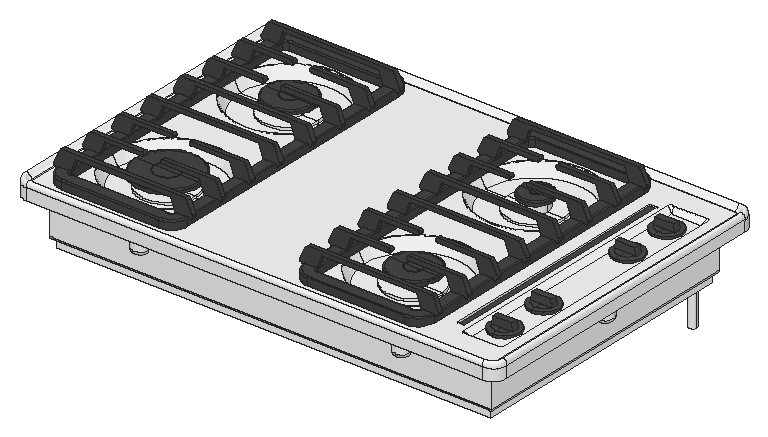
Revit family "QF_Summit_WTL053S_Cooktop", category Specialty Equipment, Revit 2020 (continued)
Automatic sketch dimensions
  curve 123 to curve 134 = 0"  (x2)
  curve 124 to curve 127 = 0"
  curve 124 to curve 128 = 0"
  curve 124 to curve 129 = 0"
  curve 124 to curve 130 = 0"
  curve 124 to curve 132 = 0"  (x2)
  curve 124 to curve 133 = 0"
  curve 124 to curve 134 = 0"  (x2)
  curve 125 to curve 126 = 0"  (x2)
  curve 125 to curve 127 = 0"
  curve 125 to curve 128 = 0"
  curve 125 to curve 129 = 0"
  curve 125 to curve 130 = 0"
  curve 125 to curve 131 = 0"  (x2)
  curve 125 to curve 132 = 0"
  curve 125 to curve 133 = 0"
  curve 145 to curve 165 = 0"  (x2)
  curve 146 to curve 165 = 0"  (x2)
  curve 147 to curve 165 = 0"  (x2)
  curve 148 to curve 165 = 0"  (x2)
  curve 149 to curve 165 = 0"  (x2)
  curve 150 to curve 165 = 0"  (x2)
  curve 151 to curve 165 = 0"  (x2)
  curve 152 to curve 157 = 0"
  curve 152 to curve 159 = 0"
  curve 153 to curve 157 = 0"
  curve 153 to curve 159 = 0"
  curve 154 to curve 159 = 0"  (x2)
  curve 155 to curve 159 = 0"  (x2)
  curve 156 to curve 157 = 0"
  curve 156 to curve 159 = 0"
  curve 157 to curve 159 = 0"
  curve 158 to curve 159 = 0"  (x2)
  curve 160 to curve 165 = 0"  (x2)
  curve 161 to curve 165 = 0"  (x2)
  curve 162 to curve 165 = 0"  (x2)
  curve 163 to curve 165 = 0"  (x2)
  curve 164 to curve 165 = 0"  (x2)
  curve 65 to plane 3 "LEFT" = 0.00016"
  plane 3 "LEFT" to curve 37 = 9/16"
  curve 37 to curve 64 = 1/4"
  curve 37 to curve 39 = 1/4"
  plane 3 "LEFT" to curve 134 = 5.27794"
  plane 3 "LEFT" to curve 108 = 5.27794"
  plane 7 "Center Y" to curve 111 = 5.59588"
  plane 7 "Center Y" to curve 79 = 5.59588"
  plane 1 "BACK" to curve 54 = 2.63046"
  plane 4 "RIGHT" to curve 54 = 4.43626"
  curve 54 to curve 61 = 1/16"
  curve 54 to curve 55 = 1/16"
  curve 55 to curve 56 = 3/8"
  curve 60 to curve 60 = 3/8"
  curve 57 to curve 58 = 1/16"
  curve 60 to curve 52 = 0.32834"
  curve 52 to curve 51 = 0.17489"
  curve 53 to curve 53 = 0.17489"
  curve 51 to curve 44 = 0.15303"
  plane 4 "RIGHT" to curve 45 = 1.53001"
  curve 42 to curve 47 = 0.15303"
  curve 44 to curve 50 = 0.15303"
  curve 49 to curve 48 = 0.17489"
  plane 5 "FRONT" to curve 71 = 0.00016"
  plane 4 "RIGHT" to curve 71 = 13/16"
  plane 4 "RIGHT" to curve 38 = 13/16"
  curve 40 to curve 41 = 1/4"
  curve 50 to plane 5 "FRONT" = 1.94788"
  curve 49 to curve 44 = 0.15303"
  curve 51 to curve 60 = 0.43428"
  curve 146 to plane 8 "Center X" = 4.69623"
  curve 152 to plane 8 "Center X" = 4.69623"
  plane 8 "Center X" to curve 74 = 4.69623"
  plane 8 "Center X" to curve 114 = 4.69623"
  curve 57 to curve 42 = 11/32"
  curve 42 to curve 48 = 0.15303"
  plane 1 "BACK" to curve 40 = 13/16"
  plane 3 "LEFT" to curve 122 = 1.98841"
  plane 3 "LEFT" to curve 157 = 2.00679"
  plane 3 "LEFT" to curve 132 = 2.04204"
  plane 3 "LEFT" to curve 106 = 2.05163"
  curve 157 to curve 108 = 0.17038"
  curve 122 to curve 117 = 0.18876"
  curve 157 to curve 159 = 0.30499"
  curve 122 to curve 117 = 0.33065"
  curve 132 to curve 133 = 0.31951"
  curve 106 to curve 108 = 0.31593"
  curve 159 to curve 154 = 0.10141"
  curve 117 to curve 131 = 0.09535"
  curve 133 to curve 126 = 0.10777"
  curve 108 to curve 158 = 0.10609"
  curve 108 to curve 83 = 1.10076"
  curve 104 to curve 104 = 0.21842"
  curve 117 to curve 120 = 1.35172"
  curve 83 to curve 83 = 0.31358"
  curve 104 to curve 103 = 0.15936"
  curve 120 to curve 74 = 0.24904"
  curve 74 to curve 120 = 0.02582"
  curve 83 to curve 105 = 0.21411"
  curve 122 to curve 123 = 1.45366"
  curve 157 to curve 107 = 1.43583"
  curve 94 to curve 130 = 0.12319"
  curve 120 to curve 127 = 0.19386"
  curve 127 to curve 74 = 0.11209"
  curve 130 to curve 129 = 0.26849"
  curve 129 to curve 132 = 0.04729"
  curve 129 to curve 94 = 0.07783"
  curve 74 to curve 93 = 0.23853"
  curve 86 to curve 83 = 3/4"
  curve 118 to curve 123 = 0.6766"
  curve 129 to curve 92 = 0.43727"
  curve 153 to curve 107 = 0.5869"
  curve 76 to curve 73 = 1/2"
  curve 107 to curve 107 = 0.62953"
  curve 123 to curve 123 = 0.65253"
  curve 75 to curve 92 = 0.22211"
  curve 76 to curve 93 = 0.42893"
  curve 92 to curve 73 = 0.32977"
  curve 92 to curve 134 = 0.38914"
  curve 73 to curve 129 = 0.08348"
  curve 93 to curve 91 = 0.24142"
  curve 91 to curve 127 = 0.11252"
  curve 73 to curve 121 = 0.33849"
  curve 91 to curve 128 = 0.31103"
  curve 123 to curve 124 = 0.83454"
  curve 128 to curve 91 = 0.01862"
  curve 107 to curve 152 = 0.87986"
  curve 85 to curve 105 = 0.76611"
  curve 86 to curve 103 = 0.86273"
  curve 105 to curve 102 = 0.18941"
  curve 73 to curve 121 = 0.24904"
  curve 103 to curve 84 = 0.14532"
  curve 84 to curve 84 = 0.24195"
  curve 102 to curve 158 = 1.09864"
  curve 121 to curve 126 = 1.41692"
  curve 84 to curve 154 = 1.10223"
  curve 128 to curve 131 = 1.38705"
  curve 158 to curve 155 = 0.09264"
  curve 126 to curve 119 = 0.09066"
  curve 154 to curve 109 = 0.10242"
  curve 131 to curve 125 = 0.09497"
  curve 109 to curve 109 = 0.13805"
  curve 125 to curve 125 = 0.13736"
  curve 155 to curve 156 = 0.32544"
  curve 119 to curve 134 = 0.34103"
  curve 154 to curve 152 = 0.40862"
  curve 131 to curve 124 = 0.42412"
  plane 7 "Center Y" to curve 150 = 2.29805"
  plane 7 "Center Y" to curve 135 = 2.29835"
  plane 7 "Center Y" to curve 140 = 2.36176"
  plane 7 "Center Y" to curve 144 = 2.37399"
  plane 7 "Center Y" to curve 116 = 2.49513"
  plane 7 "Center Y" to curve 148 = 2.49513"
  curve 135 to curve 116 = 0.34067"
  curve 150 to curve 148 = 0.34129"
  curve 140 to curve 142 = 0.32309"
  curve 144 to curve 110 = 0.31237"
  curve 148 to curve 147 = 0.09223"
  curve 116 to curve 139 = 0.0986"
  curve 142 to curve 141 = 0.10348"
  curve 110 to curve 149 = 0.12616"
  plane 7 "Center Y" to curve 77 = 3.84685"
  plane 7 "Center Y" to curve 164 = 3.84685"
  curve 113 to curve 101 = 0.24904"
  plane 7 "Center Y" to curve 164 = 4.10793"
  plane 7 "Center Y" to curve 77 = 4.11555"
  plane 7 "Center Y" to curve 135 = 4.14925"
  plane 7 "Center Y" to curve 150 = 4.16227"
  plane 7 "Center Y" to curve 113 = 4.21169"
  plane 7 "Center Y" to curve 98 = 4.22231"
  curve 164 to curve 165 = 0.19581"
  curve 77 to curve 95 = 0.19616"
  curve 165 to curve 101 = 0.12621"
  curve 113 to curve 161 = 0.25363"
  curve 98 to curve 97 = 0.26065"
  plane 7 "Center Y" to curve 144 = 4.49037"
  curve 161 to curve 88 = 0.07249"
  plane 7 "Center Y" to curve 140 = 4.57292"
  curve 77 to curve 80 = 0.74904"
  curve 101 to curve 100 = 0.2468"
  curve 161 to curve 162 = 0.42767"
  curve 150 to curve 160 = 0.73593"
  curve 114 to curve 114 = 0.60654"
  curve 90 to curve 87 = 1/2"
  curve 82 to curve 77 = 1/4"
  curve 114 to curve 136 = 0.64941"
  curve 160 to curve 160 = 1.39538"
  curve 90 to curve 162 = 0.21129"
  curve 89 to curve 100 = 0.43178"
  curve 162 to curve 99 = 0.33661"
  curve 140 to curve 143 = 2.11853"
  curve 80 to curve 97 = 0.14835"
  curve 99 to curve 161 = 0.10382"
  curve 161 to curve 145 = 0.03094"
  curve 100 to curve 87 = 0.25229"
  curve 87 to curve 165 = 0.10807"
  curve 79 to curve 95 = 0.29505"
  curve 161 to curve 163 = 0.22514"
  curve 97 to curve 78 = 0.24571"
  curve 160 to curve 151 = 0.76927"
  curve 136 to curve 137 = 0.81975"
  curve 87 to curve 112 = 0.29408"
  curve 95 to curve 96 = 0.18874"
  curve 112 to curve 99 = 0.02185"
  curve 87 to curve 112 = 0.24904"
  curve 79 to curve 78 = 0.74904"
  curve 163 to curve 149 = 1.42364"
  curve 78 to curve 141 = 1.41399"
  curve 96 to curve 139 = 1.37384"
  curve 112 to curve 147 = 1.3827"
  curve 149 to curve 146 = 0.10635"
  curve 141 to curve 115 = 0.10054"
  curve 139 to curve 138 = 0.10259"
  curve 147 to curve 111 = 0.09971"
  curve 138 to curve 115 = 0.14054"
  curve 111 to curve 111 = 0.1402"
  curve 146 to curve 145 = 0.31936"
  curve 141 to curve 143 = 0.41949"
  curve 147 to curve 151 = 0.40165"
  curve 138 to curve 137 = 0.32826"
  curve 107 to plane 5 "FRONT" = 1.80474"
  curve 160 to plane 5 "FRONT" = 1 7/8"
  curve 160 to curve 150 = 0.23691"
  curve 153 to curve 157 = 0.25859"
  curve 160 to curve 151 = 0.2521"
  curve 107 to curve 152 = 0.2852"
  curve 154 to curve 109 = 0.28235"
  curve 147 to curve 111 = 0.27408"
  curve 100 to curve 101 = 0.24169"
  curve 103 to curve 84 = 0.22929"
  curve 165 to curve 101 = 0.23505"
  curve 102 to curve 105 = 0.25978"
  curve 99 to curve 161 = 0.24304"
  curve 99 to curve 162 = 0.24737"
  curve 108 to curve 158 = 0.25335"
  curve 146 to curve 149 = 0.25181"
  curve 158 to curve 106 = 0.03121"
  curve 146 to curve 145 = 0.27526"
  curve 110 to curve 144 = 0.29271"
  plane 8 "Center X" to curve 140 = 1.35007"
  plane 8 "Center X" to curve 132 = 1.36194"
  plane 8 "Center X" to curve 143 = 1.37313"
  plane 8 "Center X" to curve 134 = 1.37834"
  curve 129 to curve 94 = 0.26306"
  curve 97 to curve 98 = 0.26648"
  curve 129 to curve 92 = 0.01153"
  curve 126 to curve 119 = 0.21375"
  curve 141 to curve 142 = 0.24822"
  curve 116 to curve 135 = 0.23664"
  curve 96 to curve 95 = 0.24956"
  curve 74 to curve 93 = 0.23627"
  curve 125 to curve 131 = 0.26496"
  curve 131 to curve 124 = 0.00658"
  curve 91 to curve 127 = 0.25063"
  curve 117 to curve 122 = 0.26535"
  curve 138 to curve 137 = 0.27256"
  curve 116 to curve 139 = 0.26847"
  curve 122 to curve 118 = 0.25021"
  curve 137 to curve 136 = 0.26258"
  radius of Extrusion 2 sketch curve = 3.49904"  (x4)
  radius of Extrusion 17 sketch curve = 1/4"
Nested families (in)
  nested 1: "Summit_Burner_Cast" at (1.52794, -1.55377, 0.43845), type "Summit_Burner_Cast"
  nested 2: "Summit_Burner_Cast" at (16.71416, -1.55377, 0.43845), type "Summit_Burner_Cast"
  nested 3: "Summit_Burner_Cast" at (1.52794, -10.94623, 0.43845), type "Summit_Burner_Cast"
  nested 4: "Summit_Burner_Cast" at (16.71416, -10.94623, 0.43845), type "Summit_Burner_Cast"
  nested 5: "Summit_Cast" at (1.27794, -0.875, 3.75), type "Summit_Cast"
  nested 6: "Summit_Cast" at (16.46416, -0.875, 3.75), type "Summit_Cast"
Connectors (in)
  piping at (27.43847, -1.91925, -2.5), diameter 0.5
    settings: on Extrusion 17, index 1, connector inside diameter 24", connector length 0", flow factor 0, pipe flow 0 GPM, pressure drop 0.00 psi, fitting loss kfactor 0, connector angle 0.00°, fixture units 0, engagement length 0", angle of deflection 0.00°, flow configuration 1, flow direction 1, fitting loss method 0, system type 7, joint type 0, gender type 0, connector reference index -1, connector utility 0, adjustable connector no, is connector primary yes, connector description "Gas Connection"
  electrical at (26.68847, -1.91925, 0.4375), driven by "Volts"
    settings: on Extrusion 20, index 2, voltage 115 V, apparent load 0 VA, apparent load phase1 0 VA, apparent load phase2 0 VA, apparent load phase3 0 VA, power factor 1, load classification "Other", number of poles 1, system type 30, power factor state 1, is connector primary yes, connector utility no, sub classification motor no, connector description "Electrical Connection"
Definition of nested family "Summit_Burner_Cast"
  Parameters (values of type "Summit_Burner_Cast")
    Model = ""
    Manufacturer = "Summit"
    Length = 7 1/2"
    Height = 3 3/4"
    Description = "Cooktop"
    Depth = 7 1/2"
    Default Elevation = 0"
  Reference planes (in)
    plane 1 "BACK": y = 0
    plane 2: z = 0
    plane 3 "LEFT": x = 0
    plane 4 "RIGHT": x = 7.5
    plane 5 "FRONT": y = -7.5
    plane 6 "TOP": z = 3.75
    plane 7 "Center Y": x = 3.75
    plane 8 "Center X": y = -3.75
  Forms (in)
    Revolve 1, solid
      sketch origin (-1.00614, -3.75, 0) x (1, 0, 0) y (0, 0, 1)
        loop
          line (4.75614, 3.26095) -> (4.00614, 3.26095) -> (4.00614, 2.6875) -> (3.00711, 2.6875) -> (3.00711, 2.5625) -> (1.65539, 2.5625) -> (1.25711, 3.31155) -> (1.25711, 2.5) -> (4.75614, 2.5) -> (4.75614, 3.26095)
        axis (4.75614, 2.5) -> (4.75614, 3.31155)
      angle from 0 to 360
  Dimensions and locks (in)
    equal spacing: plane 3 "LEFT", plane 7 "Center Y", plane 4 "RIGHT"
    "Length": plane 3 "LEFT" to plane 4 "RIGHT"
    equal spacing: plane 5 "FRONT", plane 8 "Center X", plane 1 "BACK"
    "Depth": plane 5 "FRONT" to plane 1 "BACK"
    "Height": plane 6 "TOP" to level
    aligned and locked: level to plane 2
  Automatic sketch dimensions
    plane 3 "LEFT" to Revolve 1 sketch curve = 0.25096"
    Revolve 1 sketch curve to plane 7 "Center Y" = 0"  (x2)
    plane 3 "LEFT" to Revolve 1 sketch curve = 0.64924"
    Revolve 1 sketch curve to plane 7 "Center Y" = 3/4"
    Revolve 1 sketch curve to plane 6 "TOP" = 1 1/4"
    Revolve 1 sketch curve to Revolve 1 sketch curve = 1/16"
    Revolve 1 sketch curve to Revolve 1 sketch curve = 3/16"
    Revolve 1 sketch curve to plane 6 "TOP" = 0.48905"
    Revolve 1 sketch curve to plane 6 "TOP" = 0.43845"
    Revolve 1 sketch curve to Revolve 1 sketch curve = 0"
    plane 6 "TOP" to Revolve 1 sketch curve = 1 1/4"
    Revolve 1 sketch curve to Revolve 1 sketch curve = 0.99904"
Definition of nested family "Summit_Cast"
  Parameters (values of type "Summit_Cast")
    Model = ""
    Manufacturer = "Summit"
    Length = 8"
    Height = 1 1/2"
    Description = "Cooktop"
    Depth = 18 1/4"
    Default Elevation = 0"
  Reference planes (in)
    plane 1 "BACK": y = 0
    plane 2: z = 0
    plane 3 "LEFT": x = 0
    plane 4 "RIGHT": x = 8
    plane 5 "FRONT": y = -18.25
    plane 6 "TOP": z = 1.5
    plane 7 "Center Y": x = 4
    plane 8 "Center X": y = -9.125
  Forms (in)
    Sweep 1, solid
      path origin (0, 0, 1.5) x (-1, 0, 0) y (0, -1, 0)
        loop
          arc (0, 17.25) -> (-0.29289, 17.95711) -> (-1, 18.25) r 1
          line (-1, 18.25) -> (-7, 18.25)
          arc (-7, 18.25) -> (-7.70711, 17.95711) -> (-8, 17.25) r 1
          line (-8, 17.25) -> (-8, 1)
          arc (-8, 1) -> (-7.70711, 0.29289) -> (-7, 0) r 1
          line (-7, 0) -> (-1, 0)
          arc (-1, 0) -> (-0.29289, 0.29289) -> (0, 1) r 1
          line (0, 1) -> (0, 17.25)
      profile origin (0, -9.125, 1.5) x (-1, 0, 0) y (0, 0, 1)
        loop
          line (-0.0625, -1) -> (-0.6875, -1)
          arc (-0.6875, -1) -> (-0.73169, -1.01831) -> (-0.75, -1.0625) r 0.0625
          line (-0.75, -1.0625) -> (-0.75, -1.5) -> (0, -1.5) -> (0, -1.0625)
          arc (0, -1.0625) -> (-0.01831, -1.01831) -> (-0.0625, -1) r 0.0625
    Extrusion 2, solid
      sketch origin (0, 0, 0) x (1, 0, 0) y (0, 0, 1)
        loop
          line (0.74803, 0.3877) -> (1.06188, 1.25) -> (6.93812, 1.25) -> (7.25197, 0.3877) -> (8.14564, 0.3877) -> (8.25406, 0.49612)
          arc (8.25406, 0.49612) -> (8.2924, 0.56977) -> (8.28157, 0.65209) r 0.13806
          line (8.28157, 0.65209) -> (7.93816, 1.38852) -> (7.82668, 1.5) -> (0.17332, 1.5) -> (0.06184, 1.38852) -> (-0.28157, 0.65209)
          arc (-0.28157, 0.65209) -> (-0.2924, 0.56977) -> (-0.25406, 0.49612) r 0.13806
          line (-0.25406, 0.49612) -> (-0.14564, 0.3877) -> (0.74803, 0.3877)
      from 1 to 1.25
    Extrusion 3, solid
      sketch origin (0, -2.25, 0) x (1, 0, 0) y (0, 0, 1)
        loop
          line (0.74803, 0.3877) -> (1.06188, 1.25) -> (3.36913, 1.25)
          arc (3.36913, 1.25) -> (3.49413, 1.375) -> (3.36913, 1.5) r 0.125
          line (3.36913, 1.5) -> (0.17332, 1.5) -> (0.06184, 1.38852) -> (-0.28157, 0.65209)
          arc (-0.28157, 0.65209) -> (-0.2924, 0.56977) -> (-0.25406, 0.49612) r 0.13806
          line (-0.25406, 0.49612) -> (-0.14564, 0.3877) -> (0.74803, 0.3877)
        loop
          line (7.25197, 0.3877) -> (8.14564, 0.3877) -> (8.25406, 0.49612)
          arc (8.25406, 0.49612) -> (8.2924, 0.56977) -> (8.28157, 0.65209) r 0.13806
          line (8.28157, 0.65209) -> (7.93816, 1.38852) -> (7.82668, 1.5) -> (4.62959, 1.5)
          arc (4.62959, 1.5) -> (4.50459, 1.375) -> (4.62959, 1.25) r 0.125
          line (4.62959, 1.25) -> (6.93812, 1.25) -> (7.25197, 0.3877)
      from 1 to 1.25
    Extrusion 4, solid
      sketch origin (0, -6.75, 0) x (1, 0, 0) y (0, 0, 1)
        loop
          line (0.74803, 0.3877) -> (1.06188, 1.25) -> (6.93812, 1.25) -> (7.25197, 0.3877) -> (8.14564, 0.3877) -> (8.25406, 0.49612)
          arc (8.25406, 0.49612) -> (8.2924, 0.56977) -> (8.28157, 0.65209) r 0.13806
          line (8.28157, 0.65209) -> (7.93816, 1.38852) -> (7.82668, 1.5) -> (0.17332, 1.5) -> (0.06184, 1.38852) -> (-0.28157, 0.65209)
          arc (-0.28157, 0.65209) -> (-0.2924, 0.56977) -> (-0.25406, 0.49612) r 0.13806
          line (-0.25406, 0.49612) -> (-0.14564, 0.3877) -> (0.74803, 0.3877)
      from 1 to 1.25
    Extrusion 5, solid
      sketch origin (0, -4.5, 0) x (1, 0, 0) y (0, 0, 1)
        loop
          line (0.74803, 0.3877) -> (1.06188, 1.25) -> (3.36913, 1.25)
          arc (3.36913, 1.25) -> (3.49413, 1.375) -> (3.36913, 1.5) r 0.125
          line (3.36913, 1.5) -> (0.17332, 1.5) -> (0.06184, 1.38852) -> (-0.28157, 0.65209)
          arc (-0.28157, 0.65209) -> (-0.2924, 0.56977) -> (-0.25406, 0.49612) r 0.13806
          line (-0.25406, 0.49612) -> (-0.14564, 0.3877) -> (0.74803, 0.3877)
        loop
          line (7.25197, 0.3877) -> (8.14564, 0.3877) -> (8.25406, 0.49612)
          arc (8.25406, 0.49612) -> (8.2924, 0.56977) -> (8.28157, 0.65209) r 0.13806
          line (8.28157, 0.65209) -> (7.93816, 1.38852) -> (7.82668, 1.5) -> (4.62959, 1.5)
          arc (4.62959, 1.5) -> (4.50459, 1.375) -> (4.62959, 1.25) r 0.125
          line (4.62959, 1.25) -> (6.93812, 1.25) -> (7.25197, 0.3877)
      from 1 to 1.25
    Extrusion 6, solid
      sketch origin (0, -18.25, 0) x (1, 0, 0) y (0, 0, -1)
        loop
          line (0.74803, -0.3877) -> (-0.14564, -0.3877) -> (-0.25406, -0.49612)
          arc (-0.25406, -0.49612) -> (-0.2924, -0.56977) -> (-0.28157, -0.65209) r 0.13806
          line (-0.28157, -0.65209) -> (0.06184, -1.38852) -> (0.17332, -1.5) -> (7.82668, -1.5) -> (7.93816, -1.38852) -> (8.28157, -0.65209)
          arc (8.28157, -0.65209) -> (8.2924, -0.56977) -> (8.25406, -0.49612) r 0.13806
          line (8.25406, -0.49612) -> (8.14564, -0.3877) -> (7.25197, -0.3877) -> (6.93812, -1.25) -> (1.06188, -1.25) -> (0.74803, -0.3877)
      from 1 to 1.25
    Extrusion 7, solid
      sketch origin (0, -16, 0) x (1, 0, 0) y (0, 0, -1)
        loop
          line (0.74803, -0.3877) -> (-0.14564, -0.3877) -> (-0.25406, -0.49612)
          arc (-0.25406, -0.49612) -> (-0.2924, -0.56977) -> (-0.28157, -0.65209) r 0.13806
          line (-0.28157, -0.65209) -> (0.06184, -1.38852) -> (0.17332, -1.5) -> (3.36913, -1.5)
          arc (3.36913, -1.5) -> (3.49413, -1.375) -> (3.36913, -1.25) r 0.125
          line (3.36913, -1.25) -> (1.06188, -1.25) -> (0.74803, -0.3877)
        loop
          line (7.25197, -0.3877) -> (6.93812, -1.25) -> (4.62959, -1.25)
          arc (4.62959, -1.25) -> (4.50459, -1.375) -> (4.62959, -1.5) r 0.125
          line (4.62959, -1.5) -> (7.82668, -1.5) -> (7.93816, -1.38852) -> (8.28157, -0.65209)
          arc (8.28157, -0.65209) -> (8.2924, -0.56977) -> (8.25406, -0.49612) r 0.13806
          line (8.25406, -0.49612) -> (8.14564, -0.3877) -> (7.25197, -0.3877)
      from 1 to 1.25
    Extrusion 8, solid
      sketch origin (0, -11.5, 0) x (1, 0, 0) y (0, 0, -1)
        loop
          line (0.74803, -0.3877) -> (-0.14564, -0.3877) -> (-0.25406, -0.49612)
          arc (-0.25406, -0.49612) -> (-0.2924, -0.56977) -> (-0.28157, -0.65209) r 0.13806
          line (-0.28157, -0.65209) -> (0.06184, -1.38852) -> (0.17332, -1.5) -> (7.82668, -1.5) -> (7.93816, -1.38852) -> (8.28157, -0.65209)
          arc (8.28157, -0.65209) -> (8.2924, -0.56977) -> (8.25406, -0.49612) r 0.13806
          line (8.25406, -0.49612) -> (8.14564, -0.3877) -> (7.25197, -0.3877) -> (6.93812, -1.25) -> (1.06188, -1.25) -> (0.74803, -0.3877)
      from 1 to 1.25
    Extrusion 9, solid
      sketch origin (0, -13.75, 0) x (1, 0, 0) y (0, 0, -1)
        loop
          line (0.74803, -0.3877) -> (-0.14564, -0.3877) -> (-0.25406, -0.49612)
          arc (-0.25406, -0.49612) -> (-0.2924, -0.56977) -> (-0.28157, -0.65209) r 0.13806
          line (-0.28157, -0.65209) -> (0.06184, -1.38852) -> (0.17332, -1.5) -> (3.36913, -1.5)
          arc (3.36913, -1.5) -> (3.49413, -1.375) -> (3.36913, -1.25) r 0.125
          line (3.36913, -1.25) -> (1.06188, -1.25) -> (0.74803, -0.3877)
        loop
          line (7.25197, -0.3877) -> (6.93812, -1.25) -> (4.62959, -1.25)
          arc (4.62959, -1.25) -> (4.50459, -1.375) -> (4.62959, -1.5) r 0.125
          line (4.62959, -1.5) -> (7.82668, -1.5) -> (7.93816, -1.38852) -> (8.28157, -0.65209)
          arc (8.28157, -0.65209) -> (8.2924, -0.56977) -> (8.25406, -0.49612) r 0.13806
          line (8.25406, -0.49612) -> (8.14564, -0.3877) -> (7.25197, -0.3877)
      from 1 to 1.25
  Lines and regions (in)
    symbolic lines
      curve 1: line (7, -0.75, 1.5) -> (1, -0.75, 1.5)
      curve 2: arc (1, -0.75, 1.5) -> (0.82322, -0.82322, 1.5) -> (0.75, -1, 1.5) r 0.25
      curve 3: line (0.75, -1, 1.5) -> (0.75, -3.25, 1.5)
      curve 4: arc (0.75, -17.25, 1.5) -> (0.82322, -17.42678, 1.5) -> (1, -17.5, 1.5) r 0.25
      curve 5: line (1, -17.5, 1.5) -> (7, -17.5, 1.5)
      curve 6: arc (7, -17.5, 1.5) -> (7.17678, -17.42678, 1.5) -> (7.25, -17.25, 1.5) r 0.25
      curve 7: arc (7.25, -1, 1.5) -> (7.17678, -0.82322, 1.5) -> (7, -0.75, 1.5) r 0.25
      curve 8: arc (0, -1, 1.5) -> (0.29289, -0.29289, 1.5) -> (1, 0, 1.5) r 1
      curve 9: line (1, 0, 1.5) -> (7, 0, 1.5)
      curve 10: arc (7, 0, 1.5) -> (7.70711, -0.29289, 1.5) -> (8, -1, 1.5) r 1
      curve 11: arc (8, -17.25, 1.5) -> (7.70711, -17.95711, 1.5) -> (7, -18.25, 1.5) r 1
      curve 12: line (7, -18.25, 1.5) -> (1, -18.25, 1.5)
      curve 13: arc (1, -18.25, 1.5) -> (0.29289, -17.95711, 1.5) -> (0, -17.25, 1.5) r 1
      curve 14: line (-0.2945, -1.25, 1.5) -> (8.2945, -1.25, 1.5)
      curve 15: line (8.2945, -1, 1.5) -> (-0.2945, -1, 1.5)
      curve 16: line (-0.2945, -1, 1.5) -> (-0.2945, -1.25, 1.5)
      curve 17: line (8.2945, -1, 1.5) -> (8.2945, -1.25, 1.5)
      curve 18: line (4.50459, -3.25, 1.5) -> (8.2945, -3.25, 1.5)
      curve 19: line (4.50459, -3.5, 1.5) -> (4.50459, -3.25, 1.5)
      curve 20: line (8.2945, -3.5, 1.5) -> (4.50459, -3.5, 1.5)
      curve 21: line (8.2945, -3.25, 1.5) -> (8.2945, -3.5, 1.5)
      curve 22: line (-0.2945, -3.25, 1.5) -> (3.49413, -3.25, 1.5)
      curve 23: line (-0.2945, -3.5, 1.5) -> (-0.2945, -3.25, 1.5)
      curve 24: line (3.49413, -3.5, 1.5) -> (0, -3.5, 1.5)
      curve 25: line (3.49413, -3.25, 1.5) -> (3.49413, -3.5, 1.5)
      curve 26: line (-0.2945, -5.5, 1.5) -> (3.49413, -5.5, 1.5)
      curve 27: line (-0.2945, -5.75, 1.5) -> (-0.2945, -5.5, 1.5)
      curve 28: line (3.49413, -5.75, 1.5) -> (-0.2945, -5.75, 1.5)
      curve 29: line (3.49413, -5.5, 1.5) -> (3.49413, -5.75, 1.5)
      curve 30: line (4.50459, -5.5, 1.5) -> (8.2945, -5.5, 1.5)
      curve 31: line (4.50459, -5.75, 1.5) -> (4.50459, -5.5, 1.5)
      curve 32: line (8.2945, -5.75, 1.5) -> (4.50459, -5.75, 1.5)
      curve 33: line (8.2945, -5.5, 1.5) -> (8.2945, -5.75, 1.5)
      curve 34: line (-0.2945, -7.75, 1.5) -> (8.2945, -7.75, 1.5)
      curve 35: line (-0.2945, -8, 1.5) -> (-0.2945, -7.75, 1.5)
      curve 36: line (8.2945, -8, 1.5) -> (-0.2945, -8, 1.5)
      curve 37: line (8.2945, -7.75, 1.5) -> (8.2945, -8, 1.5)
      curve 38: line (-0.2945, -10.25, 1.5) -> (8.2945, -10.25, 1.5)
      curve 39: line (-0.2945, -10.5, 1.5) -> (-0.2945, -10.25, 1.5)
      curve 40: line (8.2945, -10.5, 1.5) -> (-0.2945, -10.5, 1.5)
      curve 41: line (8.2945, -10.25, 1.5) -> (8.2945, -10.5, 1.5)
      curve 42: line (-0.2945, -12.5, 1.5) -> (3.49413, -12.5, 1.5)
      curve 43: line (-0.2945, -12.75, 1.5) -> (-0.2945, -12.5, 1.5)
      curve 44: line (3.49413, -12.75, 1.5) -> (-0.2945, -12.75, 1.5)
      curve 45: line (3.49413, -12.5, 1.5) -> (3.49413, -12.75, 1.5)
      curve 46: line (4.50459, -12.5, 1.5) -> (8.2945, -12.5, 1.5)
      curve 47: line (4.50459, -12.75, 1.5) -> (4.50459, -12.5, 1.5)
      curve 48: line (8.2945, -12.75, 1.5) -> (4.50459, -12.75, 1.5)
      curve 49: line (8.2945, -12.5, 1.5) -> (8.2945, -12.75, 1.5)
      curve 50: line (-0.2945, -14.75, 1.5) -> (3.49413, -14.75, 1.5)
      curve 51: line (-0.2945, -15, 1.5) -> (-0.2945, -14.75, 1.5)
      curve 52: line (3.49413, -15, 1.5) -> (-0.2945, -15, 1.5)
      curve 53: line (3.49413, -14.75, 1.5) -> (3.49413, -15, 1.5)
      curve 54: line (4.50459, -14.75, 1.5) -> (8.2945, -14.75, 1.5)
      curve 55: line (4.50459, -15, 1.5) -> (4.50459, -14.75, 1.5)
      curve 56: line (8.2945, -15, 1.5) -> (4.50459, -15, 1.5)
      curve 57: line (8.2945, -14.75, 1.5) -> (8.2945, -15, 1.5)
      curve 58: line (-0.2945, -17, 1.5) -> (8.2945, -17, 1.5)
      curve 59: line (-0.2945, -17.25, 1.5) -> (-0.2945, -17, 1.5)
      curve 60: line (8.2945, -17.25, 1.5) -> (-0.2945, -17.25, 1.5)
      curve 61: line (8.2945, -17, 1.5) -> (8.2945, -17.25, 1.5)
      curve 62: line (8, -1.25, 1.5) -> (8, -3.25, 1.5)
      curve 63: line (0, -3.25, 1.5) -> (0, -1.25, 1.5)
      curve 64: line (0, -3.5, 1.5) -> (-0.2945, -3.5, 1.5)
      curve 65: line (0.75, -3.5, 1.5) -> (0.75, -5.5, 1.5)
      curve 66: line (7.25, -3.25, 1.5) -> (7.25, -1, 1.5)
      curve 67: line (8, -3.5, 1.5) -> (8, -5.5, 1.5)
      curve 68: line (8, -5.75, 1.5) -> (8, -7.75, 1.5)
      curve 69: line (7.25, -5.5, 1.5) -> (7.25, -3.5, 1.5)
      curve 70: line (0.75, -5.75, 1.5) -> (0.75, -7.75, 1.5)
      curve 71: line (0, -5.5, 1.5) -> (0, -3.5, 1.5)
      curve 72: line (0, -7.75, 1.5) -> (0, -5.75, 1.5)
      curve 73: line (0.75, -8, 1.5) -> (0.75, -10.25, 1.5)
      curve 74: line (7.25, -7.75, 1.5) -> (7.25, -5.75, 1.5)
      curve 75: line (8, -8, 1.5) -> (8, -10.25, 1.5)
      curve 76: line (8, -10.5, 1.5) -> (8, -12.5, 1.5)
      curve 77: line (7.25, -10.25, 1.5) -> (7.25, -8, 1.5)
      curve 78: line (8, -12.75, 1.5) -> (8, -14.75, 1.5)
      curve 79: line (7.25, -12.5, 1.5) -> (7.25, -10.5, 1.5)
      curve 80: line (8, -15, 1.5) -> (8, -17, 1.5)
      curve 81: line (7.25, -14.75, 1.5) -> (7.25, -12.75, 1.5)
      curve 82: line (0.75, -12.75, 1.5) -> (0.75, -14.75, 1.5)
      curve 83: line (0.75, -10.5, 1.5) -> (0.75, -12.5, 1.5)
      curve 84: line (0, -12.5, 1.5) -> (0, -8, 1.5)
      curve 85: line (0, -14.75, 1.5) -> (0, -12.75, 1.5)
      curve 86: line (0.75, -15, 1.5) -> (0.75, -17, 1.5)
      curve 87: line (7.25, -17, 1.5) -> (7.25, -15, 1.5)
      curve 88: line (0, -17, 1.5) -> (0, -15, 1.5)
  Dimensions and locks (in)
    equal spacing: plane 3 "LEFT", plane 7 "Center Y", plane 4 "RIGHT"
    "Length": plane 3 "LEFT" to plane 4 "RIGHT"
    equal spacing: plane 5 "FRONT", plane 8 "Center X", plane 1 "BACK"
    "Depth": plane 5 "FRONT" to plane 1 "BACK"
    "Height": plane 6 "TOP" to level
    aligned and locked: level to plane 2
  Automatic sketch dimensions
    Sweep 1 sketch curve to plane 4 "RIGHT" = 0"
    plane 5 "FRONT" to Sweep 1 sketch curve = 0"
    plane 1 "BACK" to Sweep 1 sketch curve = 0"
    Sweep 1 sketch curve to plane 3 "LEFT" = 0"
    Sweep 1 sketch curve to Sweep 1 sketch curve = 1"
    plane 4 "RIGHT" to Sweep 1 sketch curve = 1"
    plane 3 "LEFT" to Sweep 1 sketch curve = 1"  (x2)
    Sweep 1 sketch curve to profile plane = 0"
    profile plane to Sweep 1 sketch curve = 1/16"
    Sweep 1 sketch curve to Sweep 1 sketch curve = 5/8"
    Sweep 1 sketch curve to Sweep 1 sketch curve = 1/16"
    Sweep 1 sketch curve to plane 6 "TOP" = 1 1/2"
    Sweep 1 sketch curve to Sweep 1 sketch curve = 7/16"
    Extrusion 2 sketch curve to plane 6 "TOP" = 0"
    Extrusion 2 sketch curve to plane 3 "LEFT" = 0.28157"
    Extrusion 2 sketch curve to Extrusion 2 sketch curve = 0.0275"
    Extrusion 2 sketch curve to Extrusion 2 sketch curve = 0.12513"  (x2)
    Extrusion 2 sketch curve to plane 3 "LEFT" = 0.14564"
    plane 3 "LEFT" to Extrusion 2 sketch curve = 0.06184"
    Extrusion 2 sketch curve to Extrusion 2 sketch curve = 0.11148"
    plane 3 "LEFT" to Extrusion 2 sketch curve = 0.74803"
    Extrusion 2 sketch curve to plane 6 "TOP" = 1/4"
    Extrusion 2 sketch curve to Extrusion 2 sketch curve = 0.31385"
    plane 4 "RIGHT" to Extrusion 2 sketch curve = 1.06188"
    plane 4 "RIGHT" to Extrusion 2 sketch curve = 0.74803"
    plane 4 "RIGHT" to Extrusion 2 sketch curve = 0.17332"
    plane 4 "RIGHT" to Extrusion 2 sketch curve = 0.06184"
    Extrusion 2 sketch curve to plane 4 "RIGHT" = 0.14564"
    Extrusion 2 sketch curve to plane 4 "RIGHT" = 0.15644"
    Extrusion 2 sketch curve to Extrusion 2 sketch curve = 0.09762"
    level to Extrusion 2 sketch curve = 0.65209"  (x2)
    Extrusion 2 sketch curve to Extrusion 2 sketch curve = 0.05835"  (x2)
    level to Extrusion 2 sketch curve = 0.3877"
    Extrusion 2 sketch curve to Extrusion 2 sketch curve = 0.10842"
    Extrusion 2 sketch curve to plane 6 "TOP" = 0.11148"  (x2)
    Extrusion 3 sketch curve to plane 6 "TOP" = 0"  (x2)
    Extrusion 3 sketch curve to plane 3 "LEFT" = 0.28157"
    Extrusion 3 sketch curve to Extrusion 3 sketch curve = 0.0275"
    Extrusion 3 sketch curve to Extrusion 3 sketch curve = 0.12513"  (x2)
    Extrusion 3 sketch curve to plane 3 "LEFT" = 0.14564"
    plane 3 "LEFT" to Extrusion 3 sketch curve = 0.06184"
    Extrusion 3 sketch curve to Extrusion 3 sketch curve = 0.11148"
    plane 3 "LEFT" to Extrusion 3 sketch curve = 0.74803"
    Extrusion 3 sketch curve to plane 6 "TOP" = 1/4"  (x2)
    Extrusion 3 sketch curve to Extrusion 3 sketch curve = 0.31385"
    Extrusion 3 sketch curve to plane 7 "Center Y" = 0.63087"
    plane 7 "Center Y" to Extrusion 3 sketch curve = 0.62959"
    plane 4 "RIGHT" to Extrusion 3 sketch curve = 1.06188"
    plane 4 "RIGHT" to Extrusion 3 sketch curve = 0.74803"
    plane 4 "RIGHT" to Extrusion 3 sketch curve = 0.17332"
    plane 4 "RIGHT" to Extrusion 3 sketch curve = 0.06184"
    Extrusion 3 sketch curve to plane 4 "RIGHT" = 0.14564"
    Extrusion 3 sketch curve to plane 4 "RIGHT" = 0.15644"
    Extrusion 3 sketch curve to Extrusion 3 sketch curve = 0.09762"
    level to Extrusion 3 sketch curve = 0.65209"  (x2)
    Extrusion 3 sketch curve to Extrusion 3 sketch curve = 0.05835"  (x2)
    level to Extrusion 3 sketch curve = 0.3877"
    Extrusion 3 sketch curve to Extrusion 3 sketch curve = 0.10842"
    Extrusion 3 sketch curve to plane 6 "TOP" = 0.11148"  (x2)
    Extrusion 4 sketch curve to plane 6 "TOP" = 0"
    Extrusion 4 sketch curve to plane 3 "LEFT" = 0.28157"
    Extrusion 4 sketch curve to Extrusion 4 sketch curve = 0.0275"
    Extrusion 4 sketch curve to Extrusion 4 sketch curve = 0.12513"  (x2)
    Extrusion 4 sketch curve to plane 3 "LEFT" = 0.14564"
    plane 3 "LEFT" to Extrusion 4 sketch curve = 0.06184"
    Extrusion 4 sketch curve to Extrusion 4 sketch curve = 0.11148"
    plane 3 "LEFT" to Extrusion 4 sketch curve = 0.74803"
    Extrusion 4 sketch curve to plane 6 "TOP" = 1/4"
    Extrusion 4 sketch curve to Extrusion 4 sketch curve = 0.31385"
    plane 4 "RIGHT" to Extrusion 4 sketch curve = 1.06188"
    plane 4 "RIGHT" to Extrusion 4 sketch curve = 0.74803"
    plane 4 "RIGHT" to Extrusion 4 sketch curve = 0.17332"
    plane 4 "RIGHT" to Extrusion 4 sketch curve = 0.06184"
    Extrusion 4 sketch curve to plane 4 "RIGHT" = 0.14564"
    Extrusion 4 sketch curve to plane 4 "RIGHT" = 0.15644"
    Extrusion 4 sketch curve to Extrusion 4 sketch curve = 0.09762"
    level to Extrusion 4 sketch curve = 0.65209"  (x2)
    Extrusion 4 sketch curve to Extrusion 4 sketch curve = 0.05835"  (x2)
    level to Extrusion 4 sketch curve = 0.3877"
    Extrusion 4 sketch curve to Extrusion 4 sketch curve = 0.10842"
    Extrusion 4 sketch curve to plane 6 "TOP" = 0.11148"  (x2)
    Extrusion 5 sketch curve to plane 6 "TOP" = 0"  (x2)
    Extrusion 5 sketch curve to plane 3 "LEFT" = 0.28157"
    Extrusion 5 sketch curve to Extrusion 5 sketch curve = 0.0275"
    Extrusion 5 sketch curve to Extrusion 5 sketch curve = 0.12513"  (x2)
    Extrusion 5 sketch curve to plane 3 "LEFT" = 0.14564"
    plane 3 "LEFT" to Extrusion 5 sketch curve = 0.06184"
    Extrusion 5 sketch curve to Extrusion 5 sketch curve = 0.11148"
    plane 3 "LEFT" to Extrusion 5 sketch curve = 0.74803"
    Extrusion 5 sketch curve to plane 6 "TOP" = 1/4"  (x2)
    Extrusion 5 sketch curve to Extrusion 5 sketch curve = 0.31385"
    Extrusion 5 sketch curve to plane 7 "Center Y" = 0.63087"
    plane 7 "Center Y" to Extrusion 5 sketch curve = 0.62959"
    plane 4 "RIGHT" to Extrusion 5 sketch curve = 1.06188"
    plane 4 "RIGHT" to Extrusion 5 sketch curve = 0.74803"
    plane 4 "RIGHT" to Extrusion 5 sketch curve = 0.17332"
    plane 4 "RIGHT" to Extrusion 5 sketch curve = 0.06184"
    Extrusion 5 sketch curve to plane 4 "RIGHT" = 0.14564"
    Extrusion 5 sketch curve to plane 4 "RIGHT" = 0.15644"
    Extrusion 5 sketch curve to Extrusion 5 sketch curve = 0.09762"
    level to Extrusion 5 sketch curve = 0.65209"  (x2)
    Extrusion 5 sketch curve to Extrusion 5 sketch curve = 0.05835"  (x2)
    level to Extrusion 5 sketch curve = 0.3877"
    Extrusion 5 sketch curve to Extrusion 5 sketch curve = 0.10842"
    Extrusion 5 sketch curve to plane 6 "TOP" = 0.11148"  (x2)
    Extrusion 6 sketch curve to plane 6 "TOP" = 0"
    Extrusion 6 sketch curve to plane 3 "LEFT" = 0.28157"
    Extrusion 6 sketch curve to Extrusion 6 sketch curve = 0.0275"
    Extrusion 6 sketch curve to Extrusion 6 sketch curve = 0.12513"  (x2)
    Extrusion 6 sketch curve to plane 3 "LEFT" = 0.14564"
    plane 3 "LEFT" to Extrusion 6 sketch curve = 0.06184"
    Extrusion 6 sketch curve to Extrusion 6 sketch curve = 0.11148"
    plane 3 "LEFT" to Extrusion 6 sketch curve = 0.74803"
    Extrusion 6 sketch curve to plane 6 "TOP" = 1/4"
    Extrusion 6 sketch curve to Extrusion 6 sketch curve = 0.31385"
    plane 4 "RIGHT" to Extrusion 6 sketch curve = 1.06188"
    plane 4 "RIGHT" to Extrusion 6 sketch curve = 0.74803"
    plane 4 "RIGHT" to Extrusion 6 sketch curve = 0.17332"
    plane 4 "RIGHT" to Extrusion 6 sketch curve = 0.06184"
    Extrusion 6 sketch curve to plane 4 "RIGHT" = 0.14564"
    Extrusion 6 sketch curve to plane 4 "RIGHT" = 0.15644"
    Extrusion 6 sketch curve to Extrusion 6 sketch curve = 0.09762"
    Extrusion 6 sketch curve to plane 6 "TOP" = 0.11148"  (x2)
    level to Extrusion 6 sketch curve = 0.65209"  (x2)
    Extrusion 6 sketch curve to Extrusion 6 sketch curve = 0.05835"  (x2)
    Extrusion 6 sketch curve to Extrusion 6 sketch curve = 0.10842"
    level to Extrusion 6 sketch curve = 0.3877"
    Extrusion 7 sketch curve to plane 6 "TOP" = 0"  (x2)
    Extrusion 7 sketch curve to plane 3 "LEFT" = 0.28157"
    Extrusion 7 sketch curve to Extrusion 7 sketch curve = 0.0275"
    Extrusion 7 sketch curve to Extrusion 7 sketch curve = 0.12513"  (x2)
    Extrusion 7 sketch curve to plane 3 "LEFT" = 0.14564"
    plane 3 "LEFT" to Extrusion 7 sketch curve = 0.06184"
    Extrusion 7 sketch curve to Extrusion 7 sketch curve = 0.11148"
    plane 3 "LEFT" to Extrusion 7 sketch curve = 0.74803"
    Extrusion 7 sketch curve to plane 6 "TOP" = 1/4"  (x2)
    Extrusion 7 sketch curve to Extrusion 7 sketch curve = 0.31385"
    Extrusion 7 sketch curve to plane 7 "Center Y" = 0.63087"
    plane 7 "Center Y" to Extrusion 7 sketch curve = 0.62959"
    plane 4 "RIGHT" to Extrusion 7 sketch curve = 1.06188"
    plane 4 "RIGHT" to Extrusion 7 sketch curve = 0.74803"
    plane 4 "RIGHT" to Extrusion 7 sketch curve = 0.17332"
    plane 4 "RIGHT" to Extrusion 7 sketch curve = 0.06184"
    Extrusion 7 sketch curve to plane 4 "RIGHT" = 0.14564"
    Extrusion 7 sketch curve to plane 4 "RIGHT" = 0.15644"
    Extrusion 7 sketch curve to Extrusion 7 sketch curve = 0.09762"
    Extrusion 7 sketch curve to plane 6 "TOP" = 0.11148"  (x2)
    level to Extrusion 7 sketch curve = 0.65209"  (x2)
    Extrusion 7 sketch curve to Extrusion 7 sketch curve = 0.05835"  (x2)
    Extrusion 7 sketch curve to Extrusion 7 sketch curve = 0.10842"
    level to Extrusion 7 sketch curve = 0.3877"
    Extrusion 8 sketch curve to plane 6 "TOP" = 0"
    Extrusion 8 sketch curve to plane 3 "LEFT" = 0.28157"
    Extrusion 8 sketch curve to Extrusion 8 sketch curve = 0.0275"
    Extrusion 8 sketch curve to Extrusion 8 sketch curve = 0.12513"  (x2)
    Extrusion 8 sketch curve to plane 3 "LEFT" = 0.14564"
    plane 3 "LEFT" to Extrusion 8 sketch curve = 0.06184"
    Extrusion 8 sketch curve to Extrusion 8 sketch curve = 0.11148"
    plane 3 "LEFT" to Extrusion 8 sketch curve = 0.74803"
    Extrusion 8 sketch curve to plane 6 "TOP" = 1/4"
    Extrusion 8 sketch curve to Extrusion 8 sketch curve = 0.31385"
    plane 4 "RIGHT" to Extrusion 8 sketch curve = 1.06188"
    plane 4 "RIGHT" to Extrusion 8 sketch curve = 0.74803"
    plane 4 "RIGHT" to Extrusion 8 sketch curve = 0.17332"
    plane 4 "RIGHT" to Extrusion 8 sketch curve = 0.06184"
    Extrusion 8 sketch curve to plane 4 "RIGHT" = 0.14564"
    Extrusion 8 sketch curve to plane 4 "RIGHT" = 0.15644"
    Extrusion 8 sketch curve to Extrusion 8 sketch curve = 0.09762"
    Extrusion 8 sketch curve to plane 6 "TOP" = 0.11148"  (x2)
    level to Extrusion 8 sketch curve = 0.65209"  (x2)
    Extrusion 8 sketch curve to Extrusion 8 sketch curve = 0.05835"  (x2)
    Extrusion 8 sketch curve to Extrusion 8 sketch curve = 0.10842"
    level to Extrusion 8 sketch curve = 0.3877"
    Extrusion 9 sketch curve to plane 6 "TOP" = 0"  (x2)
    Extrusion 9 sketch curve to plane 3 "LEFT" = 0.28157"
    Extrusion 9 sketch curve to Extrusion 9 sketch curve = 0.0275"
    Extrusion 9 sketch curve to Extrusion 9 sketch curve = 0.12513"  (x2)
    Extrusion 9 sketch curve to plane 3 "LEFT" = 0.14564"
    plane 3 "LEFT" to Extrusion 9 sketch curve = 0.06184"
    Extrusion 9 sketch curve to Extrusion 9 sketch curve = 0.11148"
    plane 3 "LEFT" to Extrusion 9 sketch curve = 0.74803"
    Extrusion 9 sketch curve to plane 6 "TOP" = 1/4"  (x2)
    Extrusion 9 sketch curve to Extrusion 9 sketch curve = 0.31385"
    Extrusion 9 sketch curve to plane 7 "Center Y" = 0.63087"
    plane 7 "Center Y" to Extrusion 9 sketch curve = 0.62959"
    plane 4 "RIGHT" to Extrusion 9 sketch curve = 1.06188"
    plane 4 "RIGHT" to Extrusion 9 sketch curve = 0.74803"
    plane 4 "RIGHT" to Extrusion 9 sketch curve = 0.17332"
    plane 4 "RIGHT" to Extrusion 9 sketch curve = 0.06184"
    Extrusion 9 sketch curve to plane 4 "RIGHT" = 0.14564"
    Extrusion 9 sketch curve to plane 4 "RIGHT" = 0.15644"
    Extrusion 9 sketch curve to Extrusion 9 sketch curve = 0.09762"
    Extrusion 9 sketch curve to plane 6 "TOP" = 0.11148"  (x2)
    level to Extrusion 9 sketch curve = 0.65209"  (x2)
    Extrusion 9 sketch curve to Extrusion 9 sketch curve = 0.05835"  (x2)
    Extrusion 9 sketch curve to Extrusion 9 sketch curve = 0.10842"
    level to Extrusion 9 sketch curve = 0.3877"
    curve 2 to curve 8 = 0"  (x2)
    curve 4 to curve 13 = 0"
    curve 6 to curve 11 = 0"
    curve 7 to curve 10 = 0"  (x2)
    curve 62 to plane 4 "RIGHT" = 0"
    curve 10 to plane 4 "RIGHT" = 0"
    plane 1 "BACK" to curve 9 = 0"
    plane 5 "FRONT" to curve 11 = 0"
    curve 24 to plane 3 "LEFT" = 0"
    curve 63 to plane 3 "LEFT" = 0"
    curve 49 to plane 4 "RIGHT" = 0.2945"
    curve 30 to plane 4 "RIGHT" = 0.2945"
    curve 14 to plane 4 "RIGHT" = 0.2945"
    curve 41 to plane 4 "RIGHT" = 0.2945"
    curve 54 to plane 4 "RIGHT" = 0.2945"
    curve 18 to plane 4 "RIGHT" = 0.2945"
    curve 37 to plane 4 "RIGHT" = 0.2945"
    curve 58 to plane 4 "RIGHT" = 0.2945"
    curve 10 to curve 66 = 3/4"
    curve 66 to curve 10 = 1/4"
    plane 7 "Center Y" to curve 20 = 0.50459"
    plane 7 "Center Y" to curve 55 = 0.50459"
    plane 7 "Center Y" to curve 46 = 0.50459"
    plane 7 "Center Y" to curve 32 = 0.50459"
    curve 29 to plane 7 "Center Y" = 0.50587"
    curve 42 to plane 7 "Center Y" = 0.50587"
    curve 22 to plane 7 "Center Y" = 0.50587"
    curve 53 to plane 7 "Center Y" = 0.50587"
    curve 63 to curve 14 = 0.2945"
    curve 50 to plane 3 "LEFT" = 0.2945"
    curve 44 to plane 3 "LEFT" = 0.2945"
    curve 40 to plane 3 "LEFT" = 0.2945"
    curve 63 to curve 22 = 0.2945"
    curve 58 to plane 3 "LEFT" = 0.2945"
    curve 36 to plane 3 "LEFT" = 0.2945"
    curve 26 to plane 3 "LEFT" = 0.2945"
    curve 15 to curve 16 = 1/4"
    curve 14 to curve 18 = 2"
    curve 22 to curve 18 = 0"
    curve 18 to curve 19 = 1/4"
    curve 22 to curve 24 = 1/4"
    curve 22 to curve 64 = 1/4"
    curve 19 to curve 30 = 2"
    curve 29 to curve 30 = 0"
    curve 30 to curve 31 = 1/4"
    curve 26 to curve 29 = 1/4"
    plane 8 "Center X" to curve 35 = 1 3/8"
    curve 34 to curve 37 = 1/4"
    curve 41 to plane 8 "Center X" = 1 1/8"
    curve 38 to curve 41 = 1/4"
    curve 40 to curve 46 = 2"
    curve 39 to curve 43 = 2"
    curve 46 to curve 49 = 1/4"
    curve 42 to curve 45 = 1/4"
    curve 43 to curve 51 = 2"
    curve 50 to curve 54 = 0"
    curve 54 to curve 55 = 1/4"
    curve 50 to curve 51 = 1/4"
    curve 59 to curve 13 = 1/4"
    curve 8 to plane 3 "LEFT" = 0"
    curve 69 to curve 66 = 0"
    curve 11 to plane 4 "RIGHT" = 0"
    curve 67 to plane 4 "RIGHT" = 0"
    curve 65 to curve 70 = 0"
    curve 72 to plane 3 "LEFT" = 0"
    curve 70 to curve 73 = 0"
    curve 74 to curve 77 = 0"
    curve 68 to plane 4 "RIGHT" = 0"
    curve 75 to plane 4 "RIGHT" = 0"
    curve 68 to curve 74 = 3/4"
    curve 76 to plane 4 "RIGHT" = 0"
    curve 79 to curve 77 = 0"
    curve 78 to plane 4 "RIGHT" = 0"
    curve 81 to curve 79 = 0"
    plane 3 "LEFT" to curve 70 = 3/4"
    curve 83 to curve 82 = 0"
    curve 84 to plane 3 "LEFT" = 0"
    curve 85 to plane 3 "LEFT" = 0"
    curve 82 to curve 86 = 0"
    curve 80 to plane 4 "RIGHT" = 0"
    curve 87 to curve 81 = 0"
    curve 87 to curve 5 = 1/4"
    plane 3 "LEFT" to curve 82 = 3/4"
    curve 4 to curve 4 = 1/4"
    curve 88 to plane 3 "LEFT" = 0"
    curve 13 to plane 3 "LEFT" = 0"
